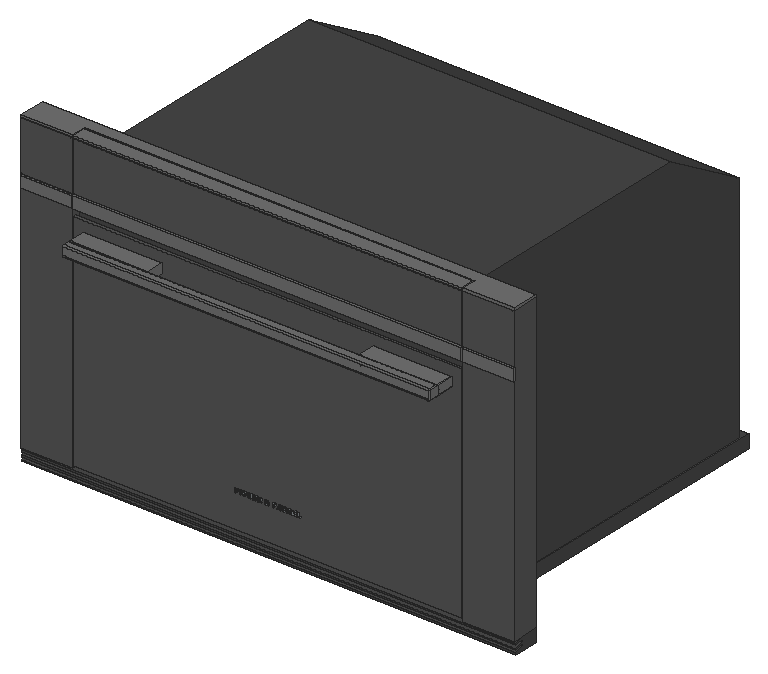
Revit family "FP_Revit_18_OS60NDBB1_w_TK76NDBB1_Steam_Oven_w_76cm_Trimkit_90000818A", category Specialty Equipment, Revit 2018
Family settings
  Round Connector Dimension = Use Diameter
  Part Type = Normal
  OmniClass Number = 23.40.40.14.17.31
  OmniClass Title = Small Specialized Cooking Equipment
  Work Plane-Based = No
  Always vertical = Yes
  Cut with Voids When Loaded = Yes
  Shared = No
  Room Calculation Point = No
Parameters (values of type "OS60NDBB1 + TK76NDBB1")
  Visibility - Clearance Required = yes
  URL = "www.fisherpaykel.com"
  Product - Width = 757 mm  # constant formula
  Product - Height = 478 mm  # constant formula
  Product - Depth = 614 mm  # constant formula
  Model = "OS60NDBB1 + TK76NDBB1"
  Material - Trim = Fisher & Paykel - Aluminium, Dark
  Material - Structure = Fisher & Paykel - Black
  Material - Handle = Fisher & Paykel - Aluminium, Dark
  Material - Glass = Fisher & Paykel - Glass, Black
  Material - Body = Fisher & Paykel - Black
  Manufacturer = "Fisher & Paykel Appliances"
  FFL Offset [instance] = 900 mm
  Description = "60cm Steam Oven + 76cm Trimkit"
  Connector Description - Electrical = "220-240 V, 50 Hz, 14.5 A"
  Chassis - Width = 560 mm  # constant formula
  Chassis - Height = 446 mm  # constant formula
  Chassis - Depth = 540 mm  # constant formula
  Cavity - Width = 560 mm  # constant formula
  Cavity - Height = 480 mm  # constant formula
  Cavity - Depth = 560 mm  # constant formula
Reference planes
  plane 1 "Center (Front/Back)": y = 0
  plane 2: z = 0
  plane 3 "Center (Left/Right)": x = 0
  plane 4: z = 1380
  plane 5: z = 1378
  plane 6 "Product LHS": x = -378.5
  plane 7 "Product RHS": x = 378.5
  plane 8 "Product - Depth": y = 0
  plane 9 "Cavity LHS": x = -380
  plane 10 "Cavity RHS": x = 380
  plane 11 "Cavity - Depth": y = 560
  plane 12 "Front Face": y = -41.5
  plane 13 "Chassis - Height": z = 0
  plane 14 "Product Depth": y = 540
  plane 15 "FFL Offset": z = 900
Forms (mm)
  Extrusion 1, void
    sketch origin (0, 0, 0) x (0, 1, 0) y (0, 0, 1)
      loop
        line (-41.5, 1380) -> (-41.5, 900) -> (0, 900) -> (0, 1380) -> (-41.5, 1380)
    from -380 to 380
  Extrusion 2, void
    sketch origin (0, 0, 0) x (0, 1, 0) y (0, 0, 1)
      loop
        line (560, 1370) -> (0, 1370) -> (0, 900) -> (560, 900) -> (560, 1370)
    from -280 to 280
Text (mm)
  text "Due to ongoing product development, product details are subject to change without notice. \nPlease always refer to www.fisherpaykel.com for the most current product information. \n© Fisher & Paykel 2020" at (41.04, -413.295, 0), in view "Ref. Level (Plan)"
Dimensions and locks
  equal spacing: plane 6 "Product LHS", plane 3 "Center (Left/Right)", plane 7 "Product RHS"
  "Product - Width": plane 6 "Product LHS" to plane 7 "Product RHS"
  equal spacing: plane 9 "Cavity LHS", plane 3 "Center (Left/Right)", plane 10 "Cavity RHS"
  locked: plane 9 "Cavity LHS" to plane 10 "Cavity RHS" at 760
  plane 12 "Front Face" to plane 1 "Center (Front/Back)" = 41.5 mm
  "Chassis - Depth": plane 1 "Center (Front/Back)" to plane 14 "Product Depth"
  "FFL Offset": plane 15 "FFL Offset" to level
  "Cavity - Depth": plane 1 "Center (Front/Back)" to plane 11 "Cavity - Depth"
  "Product - Height": plane 5 to plane 15 "FFL Offset"
  "Cavity - Height": plane 4 to plane 15 "FFL Offset"
  "Cavity - Width": Extrusion 2 to Extrusion 2
  aligned and locked: level to plane 2
  aligned and locked: plane 15 "FFL Offset" to nested 2
  aligned and locked: nested 2 to plane 8 "Product - Depth"
  aligned and locked: plane 12 "Front Face" to nested 2
  aligned and locked: plane 12 "Front Face" to Extrusion 1 sketch curve
  aligned and locked: Extrusion 1 sketch curve to plane 8 "Product - Depth"
  aligned and locked: plane 15 "FFL Offset" to Extrusion 1 sketch curve
  aligned and locked: Extrusion 1 sketch curve to plane 4
  aligned and locked: Extrusion 1 to plane 10 "Cavity RHS"
  aligned and locked: plane 9 "Cavity LHS" to Extrusion 1
  aligned and locked: Extrusion 2 sketch curve to plane 8 "Product - Depth"
  aligned and locked: Extrusion 2 sketch curve to plane 15 "FFL Offset"
  aligned and locked: plane 11 "Cavity - Depth" to Extrusion 2 sketch curve
  aligned and locked: Extrusion 2 sketch curve to nested 2
Nested families
  nested 1: "FP_Revit_18_OS60NDBB1_Steam_Oven_90000818A" at (0, -19.5, 20), FFL Offset <- "FFL Offset", type "OS60NDBB1"
    with FFL Offset 900 mm
  nested 2: "FP_Revit_18_TK76ND_Trimkits_90001189A" at (0, 0, 0), FFL Offset <- "FFL Offset", type "TK76NDBB1"
    with FFL Offset 900 mm
Connectors
  electrical at (-193.854, 529.119, 959.454), driven by "Connector Description - Electrical"
    settings: on nested 1, index 1, voltage 230 V, apparent load 0 VA, apparent load phase1 0 VA, apparent load phase2 0 VA, apparent load phase3 0 VA, power factor 1, load classification "Other", number of poles 1, system type 30, power factor state 1, is connector primary yes, connector utility no, sub classification motor no, connector description "220-240 V, 50 Hz, 14.5 A"
Definition of nested family "FP_Revit_18_OS60NDBB1_Steam_Oven_90000818A"
  Parameters (values of type "OS60NDBB1")
    Visibility - Clearance Required = yes
    URL = "www.fisherpaykel.com"
    Product - Width = 596 mm  # constant formula
    Product - Height = 458 mm  # constant formula
    Product - Depth = 562 mm  # constant formula
    Model = "OS60NDBB1"
    Material - Trim = none
    Material - Structure = none
    Material - Handle = none
    Material - Glass = none
    Material - Body = none
    Manufacturer = "Fisher & Paykel Appliances"
    FFL Offset [instance] = 900 mm
    Description = "60cm Steam Oven"
    Connector Description - Electrical = "220-240 V, 50 Hz, 14.5 A"
    Chassis - Width = 556 mm  # constant formula
    Chassis - Height = 446 mm  # constant formula
    Chassis - Depth = 540 mm  # constant formula
    Cavity - Width = 600 mm  # constant formula
    Cavity - Height = 460 mm  # constant formula
    Cavity - Depth = 560 mm  # constant formula
  Types (4, lengths in mm): name | Model | Description
    OS60NDB1 | "OS60NDB1" | "60cm Steam Oven"
    OM60NDB1 | "OM60NDB1" | "60cm Microwave Oven"
    OM60NDBB1 | "OM60NDBB1" | "60cm Microwave Oven"
    OS60NDBB1 | "OS60NDBB1" | "60cm Steam Oven"
  Reference planes
    plane 1 "Center (Front/Back)": y = 0
    plane 2: z = 0
    plane 3 "Center (Left/Right)": x = 0
    plane 4: z = 1360
    plane 5: z = 1358
    plane 6 "Product LHS": x = -298
    plane 7 "Product RHS": x = 298
    plane 8 "Product - Depth": y = 0
    plane 9 "Cavity LHS": x = -300
    plane 10 "Cavity RHS": x = 300
    plane 11 "Cavity - Depth": y = 560
    plane 12 "Front Face": y = -22
    plane 13 "Chassis - Height": z = 0
    plane 14 "Product Depth": y = 540
    plane 15 "FFL Offset": z = 900
  Forms (mm)
    Extrusion 1, solid, material <- "Material - Body"
      sketch origin (0, 0, 0) x (0, 1, 0) y (0, 0, 1)
        loop
          line (0, 1346) -> (0, 907.28) -> (5.16, 907.28) -> (5.16, 900) -> (534.187, 900) -> (534.187, 1257.991) -> (403.295, 1336.64) -> (24.316, 1336.64) -> (8.71, 1346) -> (0, 1346)
      from -278 to 278
    Extrusion 2, solid, material <- "Material - Structure", detail levels fine
      sketch origin (0, 0, 0) x (0, 1, 0) y (0, 0, 1)
        loop
          line (0, 1353.9) -> (-2, 1353.9) -> (-2, 1355) -> (-18, 1355) -> (-18, 1258) -> (-9.89, 1258) -> (-9.89, 907.28) -> (0, 907.28) -> (0, 1353.9)
      from -298 to 298
    Extrusion 3, solid, material <- "Material - Trim", detail levels fine
      sketch origin (0, 0, 0) x (0, 1, 0) y (0, 0, 1)
        loop
          line (-22, 1358) -> (-22, 1355) -> (-2, 1355) -> (-2, 1358) -> (-22, 1358)
      from -298 to 298
    Extrusion 4, solid, material <- "Material - Glass", detail levels fine
      sketch origin (0, 0, 0) x (0, 1, 0) y (0, 0, 1)
        loop
          line (-18, 1355) -> (-20.262, 1355)
          arc (-20.262, 1355) -> (-21.236, 1354.682) -> (-22, 1354) r 2.5
          line (-22, 1354) -> (-22, 1258) -> (-18, 1258) -> (-18, 1355)
      from -298 to 298
    Extrusion 5, solid, material <- "Material - Glass", detail levels fine
      sketch origin (0, 0, 0) x (0, 1, 0) y (0, 0, 1)
        loop
          line (-22, 1246.53) -> (-22, 904.53) -> (-18, 904.53) -> (-18, 1246.53) -> (-22, 1246.53)
      from -298 to 298
    Extrusion 6, solid, material <- "Material - Structure", detail levels fine
      sketch origin (0, 0, 0) x (0, 1, 0) y (0, 0, 1)
        loop
          line (-18, 1229.33) -> (-18, 907.28) -> (-9.89, 907.28) -> (-9.89, 1229.33) -> (-18, 1229.33)
      from -278 to 278
    Extrusion 7, void
      sketch origin (0, 0, 0) x (1, 0, 0) y (0, 0, 1)
        loop
          line (-158.462, 1052.91) -> (-229.24, 1052.91)
          arc (-229.24, 1052.91) -> (-232.776, 1051.446) -> (-234.24, 1047.91) r 5
          line (-234.24, 1047.91) -> (-234.24, 955.13)
          arc (-234.24, 955.13) -> (-232.776, 951.594) -> (-229.24, 950.13) r 5
          line (-229.24, 950.13) -> (-158.462, 950.13)
          arc (-158.462, 950.13) -> (-154.926, 951.594) -> (-153.462, 955.13) r 5
          line (-153.462, 955.13) -> (-153.462, 1047.91)
          arc (-153.462, 1047.91) -> (-154.926, 1051.446) -> (-158.462, 1052.91) r 5
      from -539.6 to -521.6
    Sweep 8, void
      path in 3D
        loop
          arc (-153.462, 521.6, 955.13) -> (-154.926, 521.6, 951.594) -> (-158.462, 521.6, 950.13) r 5
          line (-158.462, 521.6, 950.13) -> (-229.24, 521.6, 950.13)
          arc (-229.24, 521.6, 950.13) -> (-232.776, 521.6, 951.594) -> (-234.24, 521.6, 955.13) r 5
          line (-234.24, 521.6, 955.13) -> (-234.24, 521.6, 1047.91)
          arc (-234.24, 521.6, 1047.91) -> (-232.776, 521.6, 1051.446) -> (-229.24, 521.6, 1052.91) r 5
          line (-229.24, 521.6, 1052.91) -> (-158.462, 521.6, 1052.91)
          arc (-158.462, 521.6, 1052.91) -> (-154.926, 521.6, 1051.446) -> (-153.462, 521.6, 1047.91) r 5
          line (-153.462, 521.6, 1047.91) -> (-153.462, 521.6, 955.13)
      profile origin (-153.462, 521.6, 1001.52) x (-1, 0, 0) y (0, -1, 0)
        loop
          line (0, 0) -> (-21.3, -12.587) -> (0, -12.587) -> (0, 0)
    Extrusion 9, solid, material <- "Material - Body", detail levels medium+fine
      sketch origin (0, 0, -100) x (1, 0, 0) y (0, 0, 1)
        loop
          line (-175.354, 1115.273) -> (-212.354, 1115.273) -> (-212.354, 1057.273) -> (-175.354, 1057.273) -> (-175.354, 1115.273)
      from -540 to -521.6
    Extrusion 10, solid, material <- "Material - Trim", detail levels fine
      sketch origin (0, 0, 0) x (0, 1, 0) y (0, 0, 1)
        loop
          line (-22, 1258) -> (-22, 1277.8) -> (-22.8, 1277.8) -> (-23.7, 1275.5) -> (-23.7, 1258) -> (-22, 1258)
      from -298 to 298
    Extrusion 11, solid, visible <- "Visibility - Clearance Required", detail levels coarse
      sketch origin (0, 0, 0) x (1, 0, 0) y (0, 1, 0)
        loop
          line (-280, 0) -> (280, 0) -> (280, 548.619) -> (-280, 548.619) -> (-280, 0)
      from 900 to 1360
    Extrusion 12, solid, visible <- "Visibility - Clearance Required", detail levels coarse
      sketch origin (0, 0, 0) x (0, 1, 0) y (0, 0, 1)
        loop
          arc (-22, 1246.53) -> (-241.159, 1161.206) -> (-341.563, 948.532) r 317.644
          line (-341.563, 948.532) -> (-326.406, 946.445) -> (-332.106, 905.048) -> (-316.871, 902.951) -> (-311.171, 944.347) -> (-22, 904.53) -> (-22, 900) -> (0, 900) -> (0, 1360) -> (-22, 1360) -> (-22, 1246.53)
      from -300 to 300
    Sweep 13, solid, material <- "Material - Body", detail levels fine
      path origin (0, 0, -100) x (0, 1, 0) y (0, 0, 1)
        loop
          arc (530.8, 1057.273) -> (536.019, 1044.673) -> (548.619, 1039.454) r 17.819
      profile origin (0, 536.019, 944.673) x (0, 0.707107, 0.707107) y (1, 0, 0)
        loop
          circle (0, -193.854) r 5
    Extrusion 14, solid, material <- "Material - Glass", detail levels coarse+medium
      sketch origin (0, 0, 0) x (0, 1, 0) y (0, 0, 1)
        loop
          line (-22, 1358) -> (-22, 1258) -> (-9.89, 1258) -> (-9.89, 1229.33) -> (-18, 1229.33) -> (-18, 1246.53) -> (-22, 1246.53) -> (-22, 904.53) -> (-18, 904.53) -> (-18, 907.28) -> (0, 907.28) -> (0, 1353.9) -> (-2, 1353.9) -> (-2, 1358) -> (-22, 1358)
      from -298 to 298
    Extrusion 15, solid, material <- "Material - Body", not visible, detail levels medium+fine
      sketch origin (0, 0, 0) x (1, 0, 0) y (0, 0, 1)
        loop
          line (-175.354, 1115.273) -> (-212.354, 1115.273) -> (-212.354, 1057.273) -> (-175.354, 1057.273) -> (-175.354, 1115.273)
      from -540 to -521.6
    Sweep 16, solid, material <- "Material - Body", not visible, detail levels fine
      path origin (0, 0, 0) x (0, 1, 0) y (0, 0, 1)
        loop
          arc (530.8, 1057.273) -> (536.019, 1044.673) -> (548.619, 1039.454) r 17.819
      profile origin (0, 536.019, 1044.673) x (0, 0.707107, 0.707107) y (1, 0, 0)
        loop
          circle (0, -193.854) r 5
    Extrusion 17, void
      sketch origin (0, 0, 0) x (1, 0, 0) y (0, 1, 0)
        loop
          line (-280, 0) -> (280, 0) -> (280, 548.619) -> (-280, 548.619) -> (-280, 0)
      from 900 to 1360
    Extrusion 18, solid, visible <- "Visibility - Clearance Required", detail levels coarse
      sketch origin (0, 0, 0) x (0, 1, 0) y (0, 0, 1)
        loop
          arc (-22, 1246.53) -> (-241.159, 1161.206) -> (-341.563, 948.532) r 317.644
          line (-341.563, 948.532) -> (-326.406, 946.445) -> (-332.106, 905.048) -> (-316.871, 902.951) -> (-311.171, 944.347) -> (-22, 904.53) -> (-22, 900) -> (0, 900) -> (0, 1360) -> (-22, 1360) -> (-22, 1246.53)
      from -300 to 300
    Extrusion 19, void
      sketch origin (0, 0, 0) x (0, 1, 0) y (0, 0, 1)
        loop
          line (-22, 1360) -> (-22, 900) -> (0, 900) -> (0, 1360) -> (-22, 1360)
      from -300 to 300
  Cuts and joins
    Extrusion 7, Sweep 8 cuts Extrusion 1
    Extrusion 7 cuts Extrusion 2
    Extrusion 7 cuts Extrusion 5
    Extrusion 7 cuts Extrusion 6
  Lines and regions (mm)
    sketch lines
      curve 1: line (-153.462, 521.6, 1047.91) -> (-153.462, 521.6, 955.13)
      curve 2: arc (-153.462, 521.6, 1047.91) -> (-154.926, 521.6, 1051.446) -> (-158.462, 521.6, 1052.91) r 5
      curve 3: line (-229.24, 521.6, 1052.91) -> (-158.462, 521.6, 1052.91)
      curve 4: arc (-229.24, 521.6, 1052.91) -> (-232.776, 521.6, 1051.446) -> (-234.24, 521.6, 1047.91) r 5
      curve 5: line (-234.24, 521.6, 955.13) -> (-234.24, 521.6, 1047.91)
      curve 6: arc (-234.24, 521.6, 955.13) -> (-232.776, 521.6, 951.594) -> (-229.24, 521.6, 950.13) r 5
      curve 7: arc (-158.462, 521.6, 950.13) -> (-154.926, 521.6, 951.594) -> (-153.462, 521.6, 955.13) r 5
      curve 8: line (-158.462, 521.6, 950.13) -> (-229.24, 521.6, 950.13)
  Text (mm)
    text "Due to ongoing product development, product details are subject to change without notice. \nPlease always refer to www.fisherpaykel.com for the most current product information. \n© Fisher & Paykel 2020" at (41.04, -413.295, 0), in view "Ref. Level (Plan)"
  Dimensions and locks
    equal spacing: plane 6 "Product LHS", plane 3 "Center (Left/Right)", plane 7 "Product RHS"
    "Product - Width": plane 6 "Product LHS" to plane 7 "Product RHS"
    equal spacing: plane 9 "Cavity LHS", plane 3 "Center (Left/Right)", plane 10 "Cavity RHS"
    "Cavity - Width": plane 9 "Cavity LHS" to plane 10 "Cavity RHS"
    "Cavity - Depth": plane 11 "Cavity - Depth" to plane 1 "Center (Front/Back)"
    locked: plane 12 "Front Face" to plane 1 "Center (Front/Back)" at 22
    "Chassis - Depth": plane 1 "Center (Front/Back)" to plane 14 "Product Depth"
    Extrusion 1 sketch curve to plane 14 "Product Depth" = 5.813 mm
    equal spacing: cut or joined group of Extrusion 1, Extrusion 7, Sweep 8, plane 3 "Center (Left/Right)", cut or joined group of Extrusion 1, Extrusion 7, Sweep 8
    "Chassis - Width": cut or joined group of Extrusion 1, Extrusion 7, Sweep 8 to cut or joined group of Extrusion 1, Extrusion 7, Sweep 8
    "FFL Offset": plane 15 "FFL Offset" to level
    locked: nested 2 to plane 15 "FFL Offset" at 61.04
    locked: cut or joined group of Extrusion 1, Extrusion 7, Sweep 8 to plane 15 "FFL Offset" at 7.28
    locked: Extrusion 14 to plane 15 "FFL Offset" at 4.53
    locked: cut or joined group of Extrusion 1, Extrusion 7, Sweep 8 to plane 15 "FFL Offset" at 436.64
    "Chassis - Height": cut or joined group of Extrusion 1, Extrusion 7, Sweep 8 to plane 15 "FFL Offset"
    Extrusion 11 to plane 15 "FFL Offset" = 460 mm
    locked: plane 15 "FFL Offset" to Extrusion 9 at 57.273
    locked: plane 15 "FFL Offset" to cut or joined group of Extrusion 1, Extrusion 7, Sweep 8 at 50.13
    "Product - Height": plane 5 to plane 15 "FFL Offset"
    "Cavity - Height": plane 4 to plane 15 "FFL Offset"
    locked: nested 1 to plane 15 "FFL Offset" at 330.978
    locked: plane 5 to Extrusion 14 at 100
    locked: plane 5 to Extrusion 14 at 111.47
    locked: Extrusion 12 sketch curve to plane 15 "FFL Offset" at 4.53
    locked: plane 15 "FFL Offset" to Extrusion 7 sketch curve at 152.91
    locked: plane 15 "FFL Offset" to Extrusion 7 sketch curve at 50.13
    aligned and locked: level to plane 2
    aligned and locked: Extrusion 3 sketch curve to plane 5
    aligned and locked: plane 6 "Product LHS" to Extrusion 5
    aligned and locked: Extrusion 5 to plane 7 "Product RHS"
    aligned and locked: Extrusion 4 to plane 7 "Product RHS"
    aligned and locked: plane 6 "Product LHS" to Extrusion 4
    aligned and locked: plane 6 "Product LHS" to Extrusion 3
    aligned and locked: Extrusion 3 to plane 7 "Product RHS"
    aligned and locked: plane 6 "Product LHS" to Extrusion 2
    aligned and locked: Extrusion 2 to plane 7 "Product RHS"
    aligned and locked: plane 14 "Product Depth" to Extrusion 9
    aligned and locked: cut or joined group of Extrusion 1, Extrusion 7, Sweep 8 to Extrusion 9
    aligned and locked: Extrusion 10 to plane 7 "Product RHS"
    aligned and locked: plane 6 "Product LHS" to Extrusion 10
    aligned and locked: Extrusion 14 to plane 7 "Product RHS"
    aligned and locked: plane 6 "Product LHS" to Extrusion 14
    aligned and locked: Extrusion 1 to plane 15 "FFL Offset"
    aligned and locked: Extrusion 11 to cut or joined group of Extrusion 1, Extrusion 7, Sweep 8
    aligned and locked: Extrusion 14 to cut or joined group of Extrusion 1, Extrusion 7, Sweep 8
    aligned and locked: Extrusion 2 to cut or joined group of Extrusion 1, Extrusion 7, Sweep 8
    aligned and locked: Extrusion 6 to cut or joined group of Extrusion 1, Extrusion 7, Sweep 8
    aligned and locked: plane 5 to Extrusion 3
    aligned and locked: plane 5 to Extrusion 14
    aligned and locked: Extrusion 10 to Extrusion 4
    aligned and locked: Extrusion 14 to Extrusion 4
    aligned and locked: Extrusion 4 to cut or joined group of Extrusion 2, Extrusion 7
    aligned and locked: Extrusion 5 to Extrusion 14  (x2)
    aligned and locked: plane 4 to Extrusion 11
    aligned and locked: Extrusion 11 to Sweep 13
    aligned and locked: Extrusion 12 sketch curve to plane 15 "FFL Offset"
    aligned and locked: Extrusion 12 sketch curve to plane 4
    aligned and locked: plane 4 to Extrusion 17
    aligned and locked: Extrusion 17 to cut or joined group of Extrusion 1, Extrusion 7, Sweep 8
    aligned and locked: plane 15 "FFL Offset" to Extrusion 19 sketch curve
    aligned and locked: Extrusion 19 sketch curve to plane 4
  Automatic sketch dimensions
    Extrusion 9 sketch curve to Extrusion 9 sketch curve = 37 mm
    Extrusion 9 sketch curve to Extrusion 9 sketch curve = 58 mm
    Sweep 13 sketch curve to profile plane = 0 mm
    Sweep 13 sketch curve to Sweep 13 sketch curve = 17.819 mm
    Sweep 13 sketch curve to profile plane = 193.854 mm
    Extrusion 15 sketch curve to Extrusion 15 sketch curve = 37 mm
    Extrusion 15 sketch curve to Extrusion 15 sketch curve = 58 mm
    Sweep 16 sketch curve to profile plane = 0 mm
    Sweep 16 sketch curve to Sweep 16 sketch curve = 17.819 mm
    Sweep 16 sketch curve to profile plane = 193.854 mm
    Extrusion 1 sketch curve to plane 1 "Center (Front/Back)" = 0 mm
    Extrusion 1 sketch curve to plane 15 "FFL Offset" = 0 mm
    Extrusion 1 sketch curve to plane 1 "Center (Front/Back)" = 5.16 mm
    Extrusion 1 sketch curve to Extrusion 1 sketch curve = 8.71 mm
    Extrusion 1 sketch curve to Extrusion 1 sketch curve = 15.606 mm
    Extrusion 1 sketch curve to plane 5 = 21.36 mm
    Extrusion 1 sketch curve to plane 14 "Product Depth" = 136.705 mm
    Extrusion 1 sketch curve to Extrusion 1 sketch curve = 7.28 mm
    Extrusion 1 sketch curve to plane 5 = 100.009 mm
    Extrusion 1 sketch curve to plane 5 = 12 mm
    Extrusion 2 sketch curve to plane 1 "Center (Front/Back)" = 0 mm
    plane 1 "Center (Front/Back)" to Extrusion 2 sketch curve = 2 mm
    plane 1 "Center (Front/Back)" to Extrusion 2 sketch curve = 9.89 mm
    plane 12 "Front Face" to Extrusion 2 sketch curve = 4 mm
    plane 15 "FFL Offset" to Extrusion 2 sketch curve = 7.28 mm
    Extrusion 2 sketch curve to plane 5 = 100 mm
    Extrusion 2 sketch curve to plane 5 = 4.1 mm
    Extrusion 2 sketch curve to Extrusion 2 sketch curve = 1.1 mm
    Extrusion 3 sketch curve to plane 12 "Front Face" = 0 mm
    plane 1 "Center (Front/Back)" to Extrusion 3 sketch curve = 2 mm
    Extrusion 3 sketch curve to plane 5 = 3 mm
    Extrusion 4 sketch curve to plane 12 "Front Face" = 0 mm
    plane 12 "Front Face" to Extrusion 4 sketch curve = 1.738 mm
    plane 12 "Front Face" to Extrusion 4 sketch curve = 2.011 mm
    plane 12 "Front Face" to Extrusion 4 sketch curve = 4 mm
    Extrusion 4 sketch curve to plane 5 = 100 mm
    Extrusion 4 sketch curve to plane 5 = 5.485 mm
    Extrusion 4 sketch curve to Extrusion 4 sketch curve = 1.485 mm
    Extrusion 5 sketch curve to plane 12 "Front Face" = 0 mm
    plane 12 "Front Face" to Extrusion 5 sketch curve = 4 mm
    plane 15 "FFL Offset" to Extrusion 5 sketch curve = 4.53 mm
    Extrusion 5 sketch curve to plane 5 = 111.47 mm
    plane 12 "Front Face" to Extrusion 6 sketch curve = 4 mm
    Extrusion 6 sketch curve to Extrusion 6 sketch curve = 8.11 mm
    plane 15 "FFL Offset" to Extrusion 6 sketch curve = 7.28 mm
    Extrusion 6 sketch curve to plane 5 = 128.67 mm
    Extrusion 7 sketch curve to plane 6 "Product LHS" = 63.76 mm
    Extrusion 7 sketch curve to Extrusion 7 sketch curve = 5 mm  (x3)
    Extrusion 7 sketch curve to Extrusion 7 sketch curve = 70.778 mm  (x2)
    Sweep 8 sketch curve to profile plane = 0 mm  (x2)
    Sweep 8 sketch curve to profile plane = 21.3 mm
    profile plane to Sweep 8 sketch curve = 12.587 mm
    Extrusion 10 sketch curve to plane 12 "Front Face" = 0 mm
    Extrusion 10 sketch curve to Extrusion 10 sketch curve = 0.8 mm
    Extrusion 10 sketch curve to plane 12 "Front Face" = 1.7 mm
    Extrusion 10 sketch curve to plane 5 = 100 mm
    Extrusion 10 sketch curve to Extrusion 10 sketch curve = 17.5 mm
    Extrusion 10 sketch curve to Extrusion 10 sketch curve = 2.3 mm
    plane 1 "Center (Front/Back)" to Extrusion 11 sketch curve = 0 mm
    plane 14 "Product Depth" to Extrusion 11 sketch curve = 8.619 mm
    Extrusion 11 sketch curve to plane 6 "Product LHS" = 18 mm
    plane 7 "Product RHS" to Extrusion 11 sketch curve = 18 mm
    Extrusion 12 sketch curve to plane 12 "Front Face" = 0 mm  (x2)
    Extrusion 12 sketch curve to plane 1 "Center (Front/Back)" = 0 mm
    Extrusion 12 sketch curve to plane 12 "Front Face" = 2.526 mm
    plane 15 "FFL Offset" to Extrusion 12 sketch curve = 44.347 mm
    Extrusion 12 sketch curve to Extrusion 12 sketch curve = 286.644 mm
    plane 15 "FFL Offset" to Extrusion 12 sketch curve = 2.951 mm
    plane 15 "FFL Offset" to Extrusion 12 sketch curve = 46.445 mm
    Extrusion 12 sketch curve to Extrusion 12 sketch curve = 15.235 mm
    plane 15 "FFL Offset" to Extrusion 12 sketch curve = 48.532 mm
    Extrusion 12 sketch curve to Extrusion 12 sketch curve = 24.366 mm
    Extrusion 14 sketch curve to plane 5 = 0 mm
    Extrusion 14 sketch curve to plane 12 "Front Face" = 0 mm  (x2)
    Extrusion 14 sketch curve to plane 1 "Center (Front/Back)" = 0 mm
    plane 12 "Front Face" to Extrusion 14 sketch curve = 4 mm  (x2)
    plane 1 "Center (Front/Back)" to Extrusion 14 sketch curve = 9.89 mm
    plane 1 "Center (Front/Back)" to Extrusion 14 sketch curve = 2 mm
    Extrusion 14 sketch curve to plane 5 = 4.1 mm
    Extrusion 14 sketch curve to Extrusion 14 sketch curve = 95.9 mm
    Extrusion 14 sketch curve to Extrusion 14 sketch curve = 11.47 mm
    Extrusion 14 sketch curve to Extrusion 14 sketch curve = 17.2 mm
    plane 15 "FFL Offset" to Extrusion 14 sketch curve = 7.28 mm
    Extrusion 14 sketch curve to Extrusion 14 sketch curve = 2.75 mm
    plane 1 "Center (Front/Back)" to Extrusion 17 sketch curve = 0 mm
    plane 14 "Product Depth" to Extrusion 17 sketch curve = 8.619 mm
    Extrusion 17 sketch curve to plane 6 "Product LHS" = 18 mm
    plane 7 "Product RHS" to Extrusion 17 sketch curve = 18 mm
    Extrusion 18 sketch curve to plane 12 "Front Face" = 0 mm  (x2)
    Extrusion 18 sketch curve to plane 1 "Center (Front/Back)" = 0 mm
    Extrusion 18 sketch curve to plane 15 "FFL Offset" = 0 mm
    Extrusion 18 sketch curve to plane 4 = 0 mm
    Extrusion 18 sketch curve to plane 12 "Front Face" = 2.526 mm
    plane 15 "FFL Offset" to Extrusion 18 sketch curve = 44.347 mm
    Extrusion 18 sketch curve to Extrusion 18 sketch curve = 286.644 mm
    plane 15 "FFL Offset" to Extrusion 18 sketch curve = 2.951 mm
    Extrusion 18 sketch curve to Extrusion 18 sketch curve = 5.7 mm
    plane 15 "FFL Offset" to Extrusion 18 sketch curve = 46.445 mm
    Extrusion 18 sketch curve to Extrusion 18 sketch curve = 15.235 mm
    plane 15 "FFL Offset" to Extrusion 18 sketch curve = 48.532 mm
    Extrusion 18 sketch curve to Extrusion 18 sketch curve = 24.366 mm
    Extrusion 19 sketch curve to plane 12 "Front Face" = 0 mm
    Extrusion 19 sketch curve to plane 1 "Center (Front/Back)" = 0 mm
    radius of Sweep 13 sketch curve = 5 mm
    radius of Sweep 16 sketch curve = 5 mm
  Nested families
    nested 1: "F&P Handle Contemporary Square OB60-24" at (0, -22, 1223), type "Aluminium"
    nested 2: "F&P Logo 100mm" at (0, -22, 955), type "F&P Logo 100mm"
  Connectors
    electrical at (-193.854, 548.619, 939.454), driven by "Connector Description - Electrical"
      settings: on Sweep 13, index 1, voltage 120 V, apparent load 0 VA, apparent load phase1 0 VA, apparent load phase2 0 VA, apparent load phase3 0 VA, power factor 1, load classification none, number of poles 1, system type 30, power factor state 1, is connector primary yes, connector utility no, sub classification motor no, connector description "220-240 V, 50 Hz, 14.5 A"
  Definition of nested family "F&P Handle Contemporary Square OB60-24"
    Parameters (values of type "Aluminium Dark")
      URL = "www.fisherpaykel.com"
      Material - Handle = none
      Manufacturer = "Fisher & Paykel Appliances"
      Handle - Length = 565 mm
    Types (2): name
      Aluminium
      Aluminium Dark
    Reference planes
      plane 1 "Center (Front/Back)": y = 0
      plane 2: z = 0
      plane 3 "Center (Left/Right)": x = 0
      plane 4 "Product LHS": x = -282.5
      plane 5 "Product RHS": x = 282.5
      plane 6 "LHS Standoff": x = -162.495
      plane 7 "RHS Standoff": x = 162.505
    Forms (mm)
      Extrusion 1, solid, material <- "Material - Handle", detail levels fine
        sketch origin (0, 0, 0) x (0, 1, 0) y (0, 0, 1)
          loop
            arc (-28.701, 7.561) -> (-29.057, 7.868) -> (-29.514, 7.978) r 1
            line (-29.514, 7.978) -> (-40.5, 7.978)
            arc (-40.5, 7.978) -> (-41.561, 7.539) -> (-42, 6.478) r 1.5
            line (-42, 6.478) -> (-42, -6.522)
            arc (-42, -6.522) -> (-41.561, -7.583) -> (-40.5, -8.022) r 1.5
            line (-40.5, -8.022) -> (-29.487, -8.022)
            arc (-29.487, -8.022) -> (-29.029, -7.911) -> (-28.673, -7.602) r 1
            arc (-28.673, -7.602) -> (-26.256, -0.016) -> (-28.701, 7.561) r 13.038
        from -282.5 to 282.5
      Extrusion 2, solid, material <- "Material - Handle", detail levels fine
        sketch origin (0, 0, 0) x (0, 1, 0) y (0, 0, 1)
          loop
            arc (-28.23, 7.062) -> (-26.156, 0.008) -> (-28.198, -7.056) r 13.136
            arc (-28.198, -7.056) -> (-28.21, -7.463) -> (-27.86, -7.67) r 0.4
            line (-27.86, -7.67) -> (0, -7.67) -> (0, 7.678) -> (-27.893, 7.678)
            arc (-27.893, 7.678) -> (-28.244, 7.47) -> (-28.23, 7.062) r 0.4
        from 162.505 to 282.5
      Extrusion 3, solid, material <- "Material - Handle", detail levels fine
        sketch origin (0, 0, 0) x (0, 1, 0) y (0, 0, -1)
          loop
            arc (-28.23, -7.062) -> (-28.244, -7.47) -> (-27.893, -7.678) r 0.4
            line (-27.893, -7.678) -> (0, -7.678) -> (0, 7.67) -> (-27.86, 7.67)
            arc (-27.86, 7.67) -> (-28.21, 7.463) -> (-28.198, 7.056) r 0.4
            arc (-28.198, 7.056) -> (-26.156, -0.008) -> (-28.23, -7.062) r 13.136
        from 162.495 to 282.5
      Sweep 4, void
        path in 3D
          loop
            line (282.5, -29.514, 7.978) -> (282.5, -40.5, 7.978)
            arc (282.5, -40.5, 7.978) -> (282.5, -41.561, 7.539) -> (282.5, -42, 6.478) r 1.5
            line (282.5, -42, 6.478) -> (282.5, -42, -6.522)
            arc (282.5, -42, -6.522) -> (282.5, -41.561, -7.583) -> (282.5, -40.5, -8.022) r 1.5
            line (282.5, -40.5, -8.022) -> (282.5, -29.487, -8.022)
        profile origin (282.5, -35.007, 7.978) x (1, 0, 0) y (0, 0, 1)
          loop
            line (0, 0) -> (-1.3, 0) -> (0, -1.3) -> (0, 0)
      Sweep 5, void
        path in 3D
          loop
            line (-282.5, -29.487, -8.022) -> (-282.5, -40.5, -8.022)
            arc (-282.5, -40.5, -8.022) -> (-282.5, -41.561, -7.583) -> (-282.5, -42, -6.522) r 1.5
            line (-282.5, -42, -6.522) -> (-282.5, -42, 6.478)
            arc (-282.5, -42, 6.478) -> (-282.5, -41.561, 7.539) -> (-282.5, -40.5, 7.978) r 1.5
            line (-282.5, -40.5, 7.978) -> (-282.5, -29.514, 7.978)
        profile origin (-282.5, -35.007, 7.978) x (-1, 0, 0) y (0, 0, 1)
          loop
            line (0, 0) -> (-1.3, 0) -> (0, -1.3) -> (0, 0)
      Extrusion 6, void
        sketch origin (0, 0, 0) x (1, 0, 0) y (0, 0, 1)
          loop
            line (282.5, 7.978) -> (281.2, 7.978) -> (282.5, 6.678) -> (282.5, 7.978)
          loop
            line (282.5, -8.022) -> (282.5, -6.722) -> (281.2, -8.022) -> (282.5, -8.022)
        from 0 to 40
      Extrusion 7, void
        sketch origin (0, 0, 0) x (1, 0, 0) y (0, 0, 1)
          loop
            line (-282.5, 7.978) -> (-282.5, 6.678) -> (-281.2, 7.978) -> (-282.5, 7.978)
          loop
            line (-282.5, -8.022) -> (-281.2, -8.022) -> (-282.5, -6.722) -> (-282.5, -8.022)
        from 0 to 40
      Extrusion 8, solid, material <- "Material - Handle", detail levels coarse+medium
        sketch origin (0, 0, 0) x (1, 0, 0) y (0, 1, 0)
          loop
            line (-282.5, -42) -> (282.5, -42) -> (282.5, 0) -> (162.505, 0) -> (162.505, -26.156) -> (-162.495, -26.156) -> (-162.495, 0) -> (-282.5, 0) -> (-282.5, -42)
        from -8.022 to 7.978
    Cuts and joins
      Sweep 4, Sweep 5, Extrusion 6, Extrusion 7 cuts Extrusion 1
      Extrusion 6 cuts Extrusion 2
      Extrusion 7 cuts Extrusion 3
    Lines and regions (mm)
      sketch lines
        curve 1: line (282.5, -29.514, 7.978) -> (282.5, -40.5, 7.978)
        curve 2: arc (282.5, -42, 6.478) -> (282.5, -41.561, 7.539) -> (282.5, -40.5, 7.978) r 1.5
        curve 3: line (282.5, -42, 6.478) -> (282.5, -42, -6.522)
        curve 4: arc (282.5, -40.5, -8.022) -> (282.5, -41.561, -7.583) -> (282.5, -42, -6.522) r 1.5
        curve 5: line (282.5, -40.5, -8.022) -> (282.5, -29.487, -8.022)
        curve 6: line (-282.5, -40.5, 7.978) -> (-282.5, -29.514, 7.978)
        curve 7: arc (-282.5, -40.5, 7.978) -> (-282.5, -41.561, 7.539) -> (-282.5, -42, 6.478) r 1.5
        curve 8: line (-282.5, -42, -6.522) -> (-282.5, -42, 6.478)
        curve 9: arc (-282.5, -42, -6.522) -> (-282.5, -41.561, -7.583) -> (-282.5, -40.5, -8.022) r 1.5
        curve 10: line (-282.5, -29.487, -8.022) -> (-282.5, -40.5, -8.022)
    Dimensions and locks
      equal spacing: plane 4 "Product LHS", plane 3 "Center (Left/Right)", plane 5 "Product RHS"
      "Handle - Length": plane 4 "Product LHS" to plane 5 "Product RHS"
      locked: plane 4 "Product LHS" to plane 6 "LHS Standoff" at 120.005
      locked: plane 7 "RHS Standoff" to plane 5 "Product RHS" at 119.995
      aligned and locked: level to plane 2
      aligned and locked: Extrusion 1 to plane 5 "Product RHS"
      aligned and locked: plane 4 "Product LHS" to Extrusion 1
      aligned and locked: Extrusion 2 to plane 5 "Product RHS"
      aligned and locked: plane 4 "Product LHS" to Extrusion 3
      aligned and locked: plane 4 "Product LHS" to Extrusion 8 sketch curve
      aligned and locked: Extrusion 8 sketch curve to plane 5 "Product RHS"
      aligned and locked: Extrusion 8 sketch curve to plane 7 "RHS Standoff"
      aligned and locked: plane 6 "LHS Standoff" to Extrusion 8 sketch curve
      aligned and locked: Extrusion 2 to plane 7 "RHS Standoff"
      aligned and locked: plane 6 "LHS Standoff" to Extrusion 3
    Automatic sketch dimensions
      Extrusion 1 sketch curve to level = 6.522 mm
      plane 1 "Center (Front/Back)" to Extrusion 1 sketch curve = 42 mm
      Extrusion 1 sketch curve to Extrusion 1 sketch curve = 1.5 mm  (x2)
      Extrusion 1 sketch curve to level = 0.04 mm
      Extrusion 1 sketch curve to Extrusion 1 sketch curve = 1.206 mm
      level to Extrusion 1 sketch curve = 6.978 mm
      Extrusion 1 sketch curve to Extrusion 1 sketch curve = 10.986 mm
      Extrusion 1 sketch curve to Extrusion 1 sketch curve = 11.013 mm
      Extrusion 1 sketch curve to Extrusion 1 sketch curve = 1 mm
      level to Extrusion 1 sketch curve = 6.478 mm
      Extrusion 1 sketch curve to Extrusion 1 sketch curve = 0 mm
      Extrusion 2 sketch curve to plane 1 "Center (Front/Back)" = 0 mm
      Extrusion 2 sketch curve to level = 7.67 mm
      Extrusion 2 sketch curve to Extrusion 2 sketch curve = 27.86 mm
      level to Extrusion 2 sketch curve = 7.678 mm
      Extrusion 2 sketch curve to Extrusion 2 sketch curve = 0.033 mm
      Extrusion 2 sketch curve to level = 0.022 mm
      Extrusion 2 sketch curve to Extrusion 2 sketch curve = 11.398 mm
      Extrusion 2 sketch curve to Extrusion 2 sketch curve = 0.4 mm  (x2)
      Extrusion 2 sketch curve to Extrusion 2 sketch curve = 0 mm
      Extrusion 3 sketch curve to plane 1 "Center (Front/Back)" = 0 mm
      Extrusion 3 sketch curve to level = 7.67 mm
      Extrusion 3 sketch curve to Extrusion 3 sketch curve = 27.86 mm
      level to Extrusion 3 sketch curve = 7.678 mm
      Extrusion 3 sketch curve to Extrusion 3 sketch curve = 0.033 mm
      Extrusion 3 sketch curve to level = 0.022 mm
      Extrusion 3 sketch curve to Extrusion 3 sketch curve = 11.398 mm
      Extrusion 3 sketch curve to Extrusion 3 sketch curve = 0.4 mm  (x2)
      Extrusion 3 sketch curve to Extrusion 3 sketch curve = 0 mm
      profile plane to Sweep 4 sketch curve = 0 mm
      Sweep 4 sketch curve to profile plane = 0 mm
      Sweep 4 sketch curve to profile plane = 1.3 mm
      profile plane to Sweep 4 sketch curve = 1.3 mm
      Sweep 5 sketch curve to profile plane = 0 mm  (x2)
      profile plane to Sweep 5 sketch curve = 1.3 mm
      Sweep 5 sketch curve to profile plane = 1.3 mm
      plane 5 "Product RHS" to Extrusion 6 sketch curve = 0 mm  (x2)
      Extrusion 6 sketch curve to Extrusion 6 sketch curve = 1.3 mm  (x4)
      Extrusion 6 sketch curve to level = 6.722 mm
      level to Extrusion 6 sketch curve = 6.678 mm
      plane 4 "Product LHS" to Extrusion 7 sketch curve = 0 mm  (x2)
      Extrusion 7 sketch curve to plane 4 "Product LHS" = 1.3 mm  (x2)
      Extrusion 7 sketch curve to level = 8.022 mm
      level to Extrusion 7 sketch curve = 6.678 mm
      Extrusion 7 sketch curve to Extrusion 7 sketch curve = 1.3 mm  (x2)
      plane 1 "Center (Front/Back)" to Extrusion 8 sketch curve = 0 mm  (x2)
      Extrusion 8 sketch curve to Extrusion 8 sketch curve = 26.156 mm
      Extrusion 8 sketch curve to Extrusion 8 sketch curve = 42 mm
  Definition of nested family "F&P Logo 100mm"
    Parameters (values of type "F&P Logo 100mm")
      URL = "www.fisherpaykel.com"
      Material - Logo = none
      Manufacturer = "Fisher & Paykel Appliances"
    Reference planes
      plane 1 "Center (Front/Back)": y = 0
      plane 2: z = 0
      plane 3 "Center (Left/Right)": x = 0
    Forms (mm)
      Extrusion 1, solid, material <- "Material - Logo", detail levels fine
        sketch origin (0, 0, 0) x (1, 0, 0) y (0, 0, 1)
          loop
            line (-50.044, 0) -> (-48.47, 0) -> (-48.47, 2.138) -> (-46.011, 2.138) -> (-46.011, 3.472) -> (-48.47, 3.472) -> (-48.47, 4.712) -> (-45.795, 4.712) -> (-45.795, 6.04) -> (-50.044, 6.04) -> (-50.044, 0)
          loop
            line (-42.804, 6.04) -> (-42.804, 0) -> (-41.23, 0) -> (-41.23, 6.04) -> (-42.804, 6.04)
          loop
            line (-30.724, 6.04) -> (-30.724, 0) -> (-29.151, 0) -> (-29.151, 2.42) -> (-26.839, 2.42) -> (-26.839, 0) -> (-25.265, 0) -> (-25.265, 6.04) -> (-26.839, 6.04) -> (-26.839, 3.748) -> (-29.151, 3.748) -> (-29.151, 6.04) -> (-30.724, 6.04)
          loop
            line (-21.906, 6.04) -> (-21.906, 0) -> (-17.602, 0) -> (-17.602, 1.328) -> (-20.347, 1.328) -> (-20.347, 2.42) -> (-17.838, 2.42) -> (-17.838, 3.748) -> (-20.347, 3.748) -> (-20.347, 4.712) -> (-17.602, 4.712) -> (-17.602, 6.04) -> (-21.906, 6.04)
          loop
            line (45.667, 6.04) -> (45.667, 0) -> (49.956, 0) -> (49.956, 1.328) -> (47.241, 1.328) -> (47.241, 6.04) -> (45.667, 6.04)
          loop
            line (42.431, 6.04) -> (38.112, 6.04) -> (38.112, 0) -> (42.431, 0) -> (42.431, 1.328) -> (39.687, 1.328) -> (39.687, 2.42) -> (42.195, 2.42) -> (42.195, 3.748) -> (39.687, 3.748) -> (39.687, 4.712) -> (42.431, 4.712) -> (42.431, 6.04)
          loop
            line (33.451, 3.148) -> (35.683, 6.04) -> (33.844, 6.04) -> (31.915, 3.542) -> (31.915, 6.04) -> (30.342, 6.04) -> (30.342, 0) -> (31.915, 0) -> (31.915, 2.705) -> (33.903, 0) -> (35.763, 0) -> (33.451, 3.148)
          loop
            line (21.98, 6.04) -> (24.262, 2.42) -> (24.262, 0) -> (25.837, 0) -> (25.837, 2.341) -> (28.119, 6.04) -> (26.446, 6.04) -> (25.099, 3.707) -> (23.753, 6.04) -> (21.98, 6.04)
          loop
            line (18.479, 6.04) -> (16.983, 6.04) -> (14.524, 0) -> (16.069, 0) -> (16.501, 1.112) -> (18.921, 1.112) -> (19.354, 0) -> (20.938, 0) -> (18.479, 6.04)
          loop
            line (18.4, 2.439) -> (17.693, 4.174) -> (17.018, 2.439) -> (18.4, 2.439)
          loop
            line (8.031, 6.04) -> (8.031, 0) -> (9.605, 0) -> (9.605, 1.938) -> (10.599, 1.938)
            arc (10.599, 1.938) -> (12.65, 3.989) -> (10.599, 6.04) r 2.051
            line (10.599, 6.04) -> (8.031, 6.04)
          loop
            line (9.605, 4.712) -> (9.605, 3.197) -> (10.501, 3.197)
            arc (10.501, 3.197) -> (11.259, 3.954) -> (10.501, 4.712) r 0.757
            line (10.501, 4.712) -> (9.605, 4.712)
          loop
            line (-11.783, 6.04) -> (-14.366, 6.04) -> (-14.366, 0) -> (-12.792, 0) -> (-12.792, 1.336) -> (-11.992, 1.336) -> (-10.972, 0) -> (-9.153, 0) -> (-10.694, 1.973)
            arc (-10.694, 1.973) -> (-9.678, 4.424) -> (-11.783, 6.04) r 2.179
          loop
            line (-11.897, 4.712) -> (-12.792, 4.712) -> (-12.792, 3.053) -> (-11.897, 3.053)
            arc (-11.897, 3.053) -> (-11.068, 3.882) -> (-11.897, 4.712) r 0.83
          loop
            line (0.477, 4.712) -> (0.477, 6.153) -> (-3.575, 6.153) -> (-3.575, 4.851) -> (-2.974, 4.112)
            arc (-2.974, 4.112) -> (-3.51, 0.684) -> (-0.045, 0.512) r 2.334
            line (-0.045, 0.512) -> (0.46, -0.109) -> (2.246, -0.109) -> (0.86, 1.594) -> (2.061, 3.324) -> (0.443, 3.324) -> (-0.013, 2.667) -> (-1.677, 4.712) -> (0.477, 4.712)
          loop
            arc (-2.125, 3.068) -> (-2.269, 1.668) -> (-0.868, 1.524) r 0.996
            line (-0.868, 1.524) -> (-2.125, 3.068)
          loop
            line (-35.18, 3.634) -> (-36.516, 3.91)
            arc (-36.516, 3.91) -> (-37.049, 4.443) -> (-36.516, 4.976) r 0.533
            arc (-36.516, 4.976) -> (-35.235, 4.79) -> (-34.059, 4.248) r 4.505
            line (-34.059, 4.248) -> (-34.059, 5.743)
            arc (-34.059, 5.743) -> (-35.549, 6.179) -> (-37.1, 6.109) r 4.726
            arc (-37.1, 6.109) -> (-38.536, 4.335) -> (-37.1, 2.561) r 1.814
            line (-37.1, 2.561) -> (-35.754, 2.282)
            arc (-35.754, 2.282) -> (-35.221, 1.749) -> (-35.754, 1.216) r 0.533
            arc (-35.754, 1.216) -> (-37.035, 1.402) -> (-38.211, 1.945) r 4.505
            line (-38.211, 1.945) -> (-38.211, 0.449)
            arc (-38.211, 0.449) -> (-36.72, 0.013) -> (-35.169, 0.083) r 4.726
            arc (-35.169, 0.083) -> (-33.734, 1.863) -> (-35.18, 3.634) r 1.814
        from 0 to 0.8
    Dimensions and locks
      aligned and locked: level to plane 2
Definition of nested family "FP_Revit_18_TK76ND_Trimkits_90001189A"
  Parameters (values of type "TK76NDBB1")
    Visibility - Clearance Required = yes
    URL = "www.fisherpaykel.com"
    Product - Width = 757 mm  # constant formula
    Product - Height = 478 mm  # constant formula
    Product - Depth = 571.5 mm  # constant formula
    Model = "TK76NDBB1"
    Material - Trim = none
    Material - Glass = none
    Material - Body = none
    Manufacturer = "Fisher & Paykel Appliances"
    FFL Offset [instance] = 860 mm
    Description = "76cm Trim Kit"
    Chassis - Width = 560 mm  # constant formula
    Chassis - Height = 20 mm  # constant formula
    Chassis - Depth = 530 mm  # constant formula
    Cavity - Width = 760 mm  # constant formula
    Cavity - Height = 480 mm  # constant formula
    Cavity - Depth = 560 mm  # constant formula
  Types (3, lengths in mm): name | Model
    (no name) | "TK76NDBB1"
    TK76NDB1 | "TK76NDB1"
    TK76NDBB1 | "TK76NDBB1"
  Reference planes
    plane 1 "Center (Front/Back)": y = 0
    plane 2: z = 0
    plane 3 "Center (Left/Right)": x = 0
    plane 4: z = 1340
    plane 5: z = 1338
    plane 6 "Product LHS": x = -378.5
    plane 7 "Product RHS": x = 378.5
    plane 8 "Product - Depth": y = 530
    plane 9 "Cavity LHS": x = -380
    plane 10 "Cavity RHS": x = 380
    plane 11 "Cavity - Depth": y = 560
    plane 12 "Front Face": y = -41.5
    plane 13 "Chassis - Height": z = 880
    plane 14 "FFL Offset": z = 860
  Forms (mm)
    Extrusion 1, solid, material <- "Material - Glass", detail levels fine
      sketch origin (0, 0, 0) x (0, 1, 0) y (0, 0, 1)
        loop
          line (0, 1335) -> (-39.5, 1335)
          arc (-39.5, 1335) -> (-40.617, 1334.734) -> (-41.5, 1334) r 2.521
          line (-41.5, 1334) -> (-41.5, 880) -> (0, 880) -> (0, 1335)
      from -378.5 to 378.5
    Extrusion 2, solid, material <- "Material - Trim", detail levels fine
      sketch origin (0, 0, 0) x (0, 1, 0) y (0, 0, 1)
        loop
          line (0, 1338) -> (-41.5, 1338) -> (-41.5, 1335) -> (0, 1335) -> (0, 1338)
      from -378.5 to 378.5
    Extrusion 3, solid, material <- "Material - Body"
      sketch origin (0, 0, 0) x (1, 0, 0) y (0, 0, 1)
        loop
          line (280, 880) -> (200, 880) -> (200, 861) -> (176, 861) -> (176, 860) -> (280, 860) -> (280, 880)
        loop
          line (-280, 880) -> (-280, 860) -> (-176, 860) -> (-176, 861) -> (-200, 861) -> (-200, 880) -> (-280, 880)
      from -530 to 0
    Extrusion 4, void
      sketch origin (0, 0, 0) x (1, 0, 0) y (0, 1, 0)
        loop
          line (-300, -18.5) -> (-300, -43.192) -> (299.823, -43.192) -> (299.823, -18.5) -> (-300, -18.5)
      from 880 to 1338
    Extrusion 5, void
      sketch origin (0, 0, 0) x (0, 1, 0) y (0, 0, 1)
        loop
          line (-18.5, 880) -> (0, 880) -> (0, 1326.5) -> (-16, 1326.5) -> (-16, 1334) -> (-18.5, 1334) -> (-18.5, 880)
      from -283 to 283
    Extrusion 6, solid, material <- "Material - Trim", detail levels fine
      sketch origin (0, 0, 0) x (0, 1, 0) y (0, 0, 1)
        loop
          line (-41.5, 1257.8) -> (-42.3, 1257.8) -> (-43.192, 1255.35) -> (-43.192, 1238) -> (-41.5, 1238) -> (-41.5, 1257.8)
      from -378.5 to 378.5
    Extrusion 7, solid, material <- "Material - Body", detail levels fine
      sketch origin (0, 0, 15) x (0, 1, 0) y (0, 0, 1)
        loop
          line (-23.654, 865) -> (-39.5, 861.049) -> (-39.5, 858.901) -> (-26, 862.392) -> (-26, 858.092) -> (-39.5, 854.601) -> (-39.5, 852.601) -> (-26, 856.092) -> (-26, 851.848) -> (-39.5, 848.356) -> (-39.5, 846.348) -> (-34.47, 845) -> (0, 845) -> (0, 865) -> (-23.654, 865)
      from -378.5 to 378.5
    Extrusion 8, solid
      sketch origin (0, 0, 0) x (1, 0, 0) y (0, 0, 1)
        loop
          circle (-288, 1202) r 4
        loop
          circle (-288, 1012) r 4
        loop
          circle (288, 1202) r 4
        loop
          circle (288, 1012) r 4
      from 18.5 to 21.5
    Extrusion 9, void
      sketch origin (0, 0, 0) x (1, 0, 0) y (0, 1, 0)
        loop
          circle (-270, 70) r 5
        loop
          circle (-270, 460) r 5
        loop
          circle (270, 70) r 5
        loop
          circle (270, 460) r 5
      from 860 to 880
    Extrusion 10, void
      sketch origin (0, 0, 0) x (0, 1, 0) y (0, 0, 1)
        loop
          circle (460, 870) r 5
        loop
          circle (70, 870) r 5
      from -225 to 225
    Extrusion 11, solid, material <- "Material - Glass", detail levels coarse+medium
      sketch origin (0, 0, 0) x (0, 1, 0) y (0, 0, 1)
        loop
          line (-41.5, 1338) -> (-41.5, 880) -> (0, 880) -> (0, 1338) -> (-41.5, 1338)
      from -378.5 to 378.5
    Extrusion 12, solid, visible <- "Visibility - Clearance Required", detail levels coarse
      sketch origin (0, 0, 0) x (1, 0, 0) y (0, 1, 0)
        loop
          line (-280, 0) -> (280, 0) -> (280, 560) -> (-280, 560) -> (-280, 0)
      from 860 to 1330
    Extrusion 13, solid, visible <- "Visibility - Clearance Required", detail levels coarse
      sketch origin (0, 0, 0) x (1, 0, 0) y (0, 1, 0)
        loop
          line (-380, 0) -> (-380, -41.5) -> (380, -41.5) -> (380, 0) -> (-380, 0)
      from 860 to 1340
    Extrusion 14, void
      sketch origin (0, 0, 0) x (1, 0, 0) y (0, 1, 0)
        loop
          line (-280, 560) -> (-280, 0) -> (280, 0) -> (280, 560) -> (-280, 560)
      from 860 to 1330
    Extrusion 15, void
      sketch origin (0, 0, 0) x (1, 0, 0) y (0, 1, 0)
        loop
          line (-380, -41.5) -> (380, -41.5) -> (380, 0) -> (-380, 0) -> (-380, -41.5)
      from 860 to 1340
    Extrusion 16, solid, material <- "Material - Body", detail levels coarse+medium
      sketch origin (0, 0, 0) x (0, 1, 0) y (0, 0, 1)
        loop
          line (-41.5, 880) -> (-41.5, 860) -> (0, 860) -> (0, 880) -> (-41.5, 880)
      from -378.5 to 378.5
  Cuts and joins
    Extrusion 4, Extrusion 5 cuts Extrusion 1
    Extrusion 4 cuts Extrusion 6
    Extrusion 4 cuts Extrusion 2
    Extrusion 9, Extrusion 10 cuts Extrusion 3
    Extrusion 4, Extrusion 5 cuts Extrusion 11
  Text (mm)
    text "Due to ongoing product development, product details are subject to change without notice. \nPlease always refer to www.fisherpaykel.com for the most current product information. \n© Fisher & Paykel 2020" at (41.04, -248.295, 0), in view "Ref. Level (Plan)"
  Dimensions and locks
    equal spacing: plane 6 "Product LHS", plane 3 "Center (Left/Right)", plane 7 "Product RHS"
    "Product - Width": plane 6 "Product LHS" to plane 7 "Product RHS"
    equal spacing: plane 9 "Cavity LHS", plane 3 "Center (Left/Right)", plane 10 "Cavity RHS"
    "Cavity - Width": plane 9 "Cavity LHS" to plane 10 "Cavity RHS"
    "Cavity - Depth": plane 11 "Cavity - Depth" to plane 1 "Center (Front/Back)"
    "Chassis - Depth": plane 8 "Product - Depth" to plane 1 "Center (Front/Back)"
    "Product - Depth": plane 8 "Product - Depth" to plane 12 "Front Face"
    equal spacing: Extrusion 12, plane 3 "Center (Left/Right)", Extrusion 12
    "Chassis - Width": Extrusion 12 to Extrusion 12
    "Chassis - Height": plane 14 "FFL Offset" to plane 13 "Chassis - Height"
    "Product - Height": plane 5 to plane 14 "FFL Offset"
    "Cavity - Height": plane 4 to plane 14 "FFL Offset"
    Extrusion 10 sketch curve to plane 14 "FFL Offset" = 10 mm
    locked: plane 14 "FFL Offset" to Extrusion 8 sketch curve at 152
    locked: plane 14 "FFL Offset" to Extrusion 8 sketch curve at 342
    locked: plane 5 to Extrusion 14 at 8
    locked: plane 5 to cut or joined group of Extrusion 2, Extrusion 4 at 3
    locked: plane 5 to cut or joined group of Extrusion 4, Extrusion 5, Extrusion 11 at 11.5
    locked: cut or joined group of Extrusion 4, Extrusion 6 to plane 14 "FFL Offset" at 378
    "FFL Offset": plane 14 "FFL Offset" to level
    locked: cut or joined group of Extrusion 3, Extrusion 9, Extrusion 10 to plane 14 "FFL Offset" at 10
    aligned and locked: level to plane 2
    aligned and locked: plane 5 to Extrusion 2 sketch curve
    aligned and locked: plane 6 "Product LHS" to Extrusion 1
    aligned and locked: Extrusion 1 to plane 7 "Product RHS"
    aligned and locked: Extrusion 3 to plane 8 "Product - Depth"
    aligned and locked: Extrusion 2 to plane 7 "Product RHS"
    aligned and locked: plane 6 "Product LHS" to Extrusion 2
    aligned and locked: plane 5 to Extrusion 4
    aligned and locked: Extrusion 6 to plane 7 "Product RHS"
    aligned and locked: plane 6 "Product LHS" to Extrusion 6
    aligned and locked: plane 6 "Product LHS" to Extrusion 7
    aligned and locked: Extrusion 7 to plane 7 "Product RHS"
    aligned and locked: Extrusion 11 to plane 7 "Product RHS"
    aligned and locked: plane 6 "Product LHS" to Extrusion 11
    aligned and locked: plane 4 to Extrusion 13
    aligned and locked: Extrusion 15 sketch curve to plane 10 "Cavity RHS"
    aligned and locked: plane 9 "Cavity LHS" to Extrusion 15 sketch curve
    aligned and locked: plane 4 to Extrusion 15
    aligned and locked: plane 14 "FFL Offset" to Extrusion 3 sketch curve
    aligned and locked: plane 13 "Chassis - Height" to Extrusion 3 sketch curve
    aligned and locked: Extrusion 3 sketch curve to plane 13 "Chassis - Height"
    aligned and locked: Extrusion 3 sketch curve to plane 14 "FFL Offset"
    aligned and locked: Extrusion 11 to cut or joined group of Extrusion 1, Extrusion 4, Extrusion 5
    aligned and locked: Extrusion 12 to cut or joined group of Extrusion 3, Extrusion 9, Extrusion 10
    aligned and locked: Extrusion 12 to Extrusion 14
    aligned and locked: Extrusion 3 to Extrusion 9  (x2)
    aligned and locked: Extrusion 4 to Extrusion 5
    aligned and locked: plane 5 to Extrusion 2
    aligned and locked: Extrusion 14 to cut or joined group of Extrusion 3, Extrusion 9, Extrusion 10
    aligned and locked: Extrusion 7 sketch curve to plane 1 "Center (Front/Back)"
    aligned and locked: Extrusion 7 sketch curve to plane 13 "Chassis - Height"
    aligned and locked: Extrusion 7 sketch curve to plane 14 "FFL Offset"
    aligned and locked: Extrusion 11 to Extrusion 7
    aligned and locked: Extrusion 15 to Extrusion 7
    aligned and locked: Extrusion 15 to cut or joined group of Extrusion 3, Extrusion 9, Extrusion 10
    aligned and locked: Extrusion 11 to cut or joined group of Extrusion 3, Extrusion 9, Extrusion 10
    aligned and locked: Extrusion 4 to Extrusion 1
    aligned and locked: Extrusion 13 to Extrusion 7
    aligned and locked: Extrusion 16 sketch curve to cut or joined group of Extrusion 4, Extrusion 5, Extrusion 11  (x2)
    aligned and locked: Extrusion 12 to Extrusion 16 sketch curve
    aligned and locked: Extrusion 16 sketch curve to Extrusion 13
  Automatic sketch dimensions
    Extrusion 2 sketch curve to plane 1 "Center (Front/Back)" = 0 mm
    Extrusion 2 sketch curve to plane 5 = 3 mm
    plane 1 "Center (Front/Back)" to Extrusion 2 sketch curve = 41.5 mm
    Extrusion 1 sketch curve to plane 1 "Center (Front/Back)" = 0 mm
    plane 12 "Front Face" to Extrusion 1 sketch curve = 2 mm
    plane 12 "Front Face" to Extrusion 1 sketch curve = 2.011 mm
    Extrusion 1 sketch curve to Extrusion 1 sketch curve = 2.521 mm
    Extrusion 1 sketch curve to plane 12 "Front Face" = 0 mm
    Extrusion 5 sketch curve to plane 1 "Center (Front/Back)" = 0 mm
    plane 1 "Center (Front/Back)" to Extrusion 5 sketch curve = 16 mm
    level to Extrusion 5 sketch curve = 880 mm
    Extrusion 5 sketch curve to plane 5 = 11.5 mm
    Extrusion 5 sketch curve to plane 5 = 4 mm
    plane 1 "Center (Front/Back)" to Extrusion 5 sketch curve = 18.5 mm
    Extrusion 6 sketch curve to plane 12 "Front Face" = 0 mm
    Extrusion 6 sketch curve to Extrusion 6 sketch curve = 0.8 mm
    Extrusion 6 sketch curve to Extrusion 6 sketch curve = 1.692 mm
    Extrusion 6 sketch curve to plane 5 = 100 mm
    Extrusion 6 sketch curve to Extrusion 6 sketch curve = 17.35 mm
    Extrusion 6 sketch curve to Extrusion 6 sketch curve = 2.45 mm
    Extrusion 4 sketch curve to plane 12 "Front Face" = 1.692 mm
    Extrusion 4 sketch curve to plane 6 "Product LHS" = 78.5 mm
    plane 7 "Product RHS" to Extrusion 4 sketch curve = 78.677 mm
    plane 1 "Center (Front/Back)" to Extrusion 4 sketch curve = 18.5 mm
    level to Extrusion 1 sketch curve = 880 mm
    Extrusion 8 sketch curve to plane 6 "Product LHS" = 90.5 mm  (x2)
    plane 7 "Product RHS" to Extrusion 8 sketch curve = 90.5 mm  (x2)
    Extrusion 9 sketch curve to plane 6 "Product LHS" = 108.5 mm  (x2)
    plane 7 "Product RHS" to Extrusion 9 sketch curve = 108.5 mm  (x2)
    Extrusion 9 sketch curve to plane 1 "Center (Front/Back)" = 70 mm  (x2)
    Extrusion 9 sketch curve to plane 8 "Product - Depth" = 70 mm  (x2)
    Extrusion 1 sketch curve to plane 5 = 5.521 mm
    Extrusion 12 sketch curve to plane 11 "Cavity - Depth" = 0 mm
    plane 1 "Center (Front/Back)" to Extrusion 12 sketch curve = 0 mm
    Extrusion 12 sketch curve to plane 6 "Product LHS" = 98.5 mm
    plane 7 "Product RHS" to Extrusion 12 sketch curve = 98.5 mm
    Extrusion 13 sketch curve to plane 9 "Cavity LHS" = 0 mm
    Extrusion 13 sketch curve to plane 10 "Cavity RHS" = 0 mm
    plane 1 "Center (Front/Back)" to Extrusion 13 sketch curve = 0 mm
    Extrusion 13 sketch curve to plane 12 "Front Face" = 0 mm
    plane 1 "Center (Front/Back)" to Extrusion 14 sketch curve = 0 mm
    Extrusion 14 sketch curve to plane 11 "Cavity - Depth" = 0 mm
    Extrusion 14 sketch curve to plane 6 "Product LHS" = 98.5 mm
    plane 7 "Product RHS" to Extrusion 14 sketch curve = 98.5 mm
    Extrusion 15 sketch curve to plane 12 "Front Face" = 0 mm
    Extrusion 15 sketch curve to Extrusion 15 sketch curve = 41.5 mm
    Extrusion 3 sketch curve to plane 6 "Product LHS" = 98.5 mm
    plane 14 "FFL Offset" to Extrusion 3 sketch curve = 1 mm  (x2)
    Extrusion 3 sketch curve to Extrusion 3 sketch curve = 80 mm  (x2)
    Extrusion 3 sketch curve to Extrusion 3 sketch curve = 24 mm  (x2)
    plane 3 "Center (Left/Right)" to Extrusion 3 sketch curve = 176 mm
    Extrusion 8 sketch curve to plane 5 = 136 mm
    Extrusion 8 sketch curve to plane 13 "Chassis - Height" = 132 mm
    Extrusion 11 sketch curve to plane 13 "Chassis - Height" = 0 mm
    Extrusion 11 sketch curve to plane 5 = 0 mm
    Extrusion 11 sketch curve to plane 1 "Center (Front/Back)" = 0 mm
    Extrusion 11 sketch curve to plane 12 "Front Face" = 0 mm
    plane 12 "Front Face" to Extrusion 7 sketch curve = 17.846 mm
    plane 13 "Chassis - Height" to Extrusion 7 sketch curve = 2.608 mm
    Extrusion 7 sketch curve to Extrusion 7 sketch curve = 2.346 mm
    Extrusion 7 sketch curve to Extrusion 7 sketch curve = 0 mm
    plane 12 "Front Face" to Extrusion 7 sketch curve = 7.03 mm
    plane 12 "Front Face" to Extrusion 7 sketch curve = 2 mm  (x3)
    plane 14 "FFL Offset" to Extrusion 7 sketch curve = 1.348 mm
    Extrusion 7 sketch curve to Extrusion 7 sketch curve = 2.009 mm
    plane 14 "FFL Offset" to Extrusion 7 sketch curve = 6.848 mm
    Extrusion 7 sketch curve to Extrusion 7 sketch curve = 4.244 mm  (x2)
    Extrusion 7 sketch curve to Extrusion 7 sketch curve = 2 mm  (x2)
    Extrusion 7 sketch curve to Extrusion 7 sketch curve = 4.3 mm
    Extrusion 7 sketch curve to Extrusion 7 sketch curve = 2.148 mm
    Extrusion 10 sketch curve to plane 8 "Product - Depth" = 70 mm
    plane 13 "Chassis - Height" to Extrusion 10 sketch curve = 10 mm
    Extrusion 10 sketch curve to plane 1 "Center (Front/Back)" = 70 mm
    radius of Extrusion 8 sketch curve = 4 mm  (x4)
    radius of Extrusion 9 sketch curve = 5 mm  (x4)
    radius of Extrusion 10 sketch curve = 5 mm  (x2)
